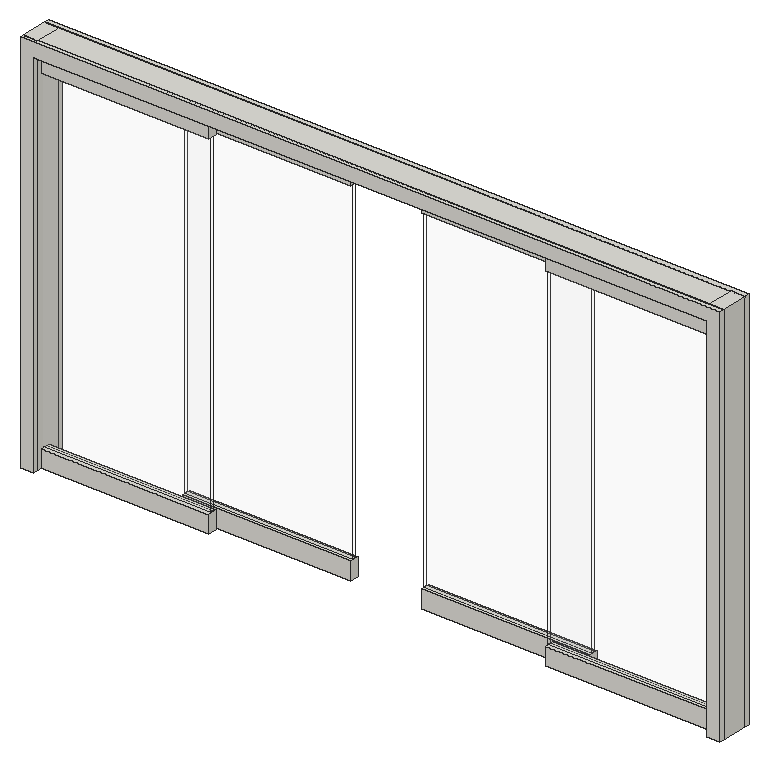
Revit family "0027_M_DR_W_KO_이중 자동_AT 유리문 유형1(2리프)", category 문, Revit 2026
Family settings
  호스트 = 벽
  항상 수직 = 예
  로드될 때 보이드를 사용하여 절단 = 아니오
  공유 = 아니오
  룸 계산 점 = 아니오
Parameters (values of type "AT Glass door type1 (2Leafs) 03 W3800*H2100")
  프레임 투영 외부 = 25 mm
  프레임 투영 내부 = 25 mm
  프레임 폭 = 75 mm
  높이 = 2100 mm
  벽 마무리 = 호스트별
  폭 = 3800 mm
  open doorA = 200 mm
  open door = 200 mm
  adhesion doorA = 950 mm
  adhesion door = 폭 - Auto door - Auto doorA - adhesion doorA  # 950 mm
  Glass frame material = Chrome, 2
  기능 = 내부
  Frame material = Chrome, 2
  Door material = white glass
  Auto doorA = 950 mm
  Auto door = 950 mm
  Assembly Code = ""
Reference planes
  plane 1: y = 0
  plane 2 "중심(왼쪽/오른쪽)": x = 0
  plane 3 "왼쪽": x = -950
  plane 4 "오른쪽": x = 2850
  plane 5: z = 2100
  plane 6 "외부": y = 75
  plane 7 "내부": y = -75
  plane 8: x = -200
  plane 9: x = 950
  plane 10: x = 750
  plane 11: x = 1150
  plane 12: x = 1900
  plane 13: x = 2100
Forms (mm)
  Extrusion 1, solid, material "Chrome, 2" <- "Frame material"
    sketch origin (-3172.125, -75, 0) x (1, 0, 0) y (0, 0, 1)
      loop
        line (2147.125, 0) -> (2222.125, 0) -> (2222.125, 2100) -> (6022.125, 2100) -> (6022.125, 0) -> (6097.125, 0) -> (6097.125, 2175) -> (2147.125, 2175) -> (2147.125, 0)
    from 0 to 25
  Extrusion 2, solid, material "Chrome, 2" <- "Frame material"
    sketch origin (-3172.125, 75, 0) x (-1, 0, 0) y (0, 0, 1)
      loop
        line (-2222.125, 0) -> (-2147.125, 0) -> (-2147.125, 2175) -> (-6097.125, 2175) -> (-6097.125, 0) -> (-6022.125, 0) -> (-6022.125, 2100) -> (-2222.125, 2100) -> (-2222.125, 0)
    from 0 to 25
  Extrusion 3, solid, material "Chrome, 2" <- "Frame material"
    sketch origin (0, 75, 0) x (1, 0, 0) y (0, 0, 1)
      loop
        line (2925, 2175) -> (2850, 2175) -> (-950, 2175) -> (-1025, 2175) -> (-1025, 0) -> (-950, 0) -> (-950, 2100) -> (2850, 2100) -> (2850, 0) -> (2925, 0) -> (2925, 2175)
    from 0 to 150
  Extrusion 4, solid, material "white glass" <- "Door material"
    sketch origin (0, 0, 0) x (1, 0, 0) y (0, 1, 0)
      loop
        line (-200, 47.5) -> (-200, 27.5) -> (750, 27.5) -> (750, 47.5) -> (-200, 47.5)
    from 100 to 2000
  Extrusion 5, solid, material "Chrome, 2" <- "Glass frame material"
    sketch origin (0, -75, 0) x (1, 0, 0) y (0, 0, 1)
      loop
        line (750, 0) -> (750, 100) -> (-200, 100) -> (-200, 0) -> (750, 0)
      loop
        line (750, 2100) -> (-200, 2100) -> (-200, 2000) -> (750, 2000) -> (750, 2100)
    from -136.913 to -87.537
  Extrusion 6, solid, material "white glass" <- "Door material"
    sketch origin (-600, -62.5, 0) x (1, 0, 0) y (0, 1, 0)
      loop
        line (-350, 47.5) -> (-350, 27.5) -> (600, 27.5) -> (600, 47.5) -> (-350, 47.5)
    from 100 to 2000
  Extrusion 7, solid, material "Chrome, 2" <- "Glass frame material"
    sketch origin (-600, -136.913, 0) x (1, 0, 0) y (0, 0, 1)
      loop
        line (600, 0) -> (600, 100) -> (-350, 100) -> (-350, 0) -> (600, 0)
      loop
        line (600, 2100) -> (-350, 2100) -> (-350, 2000) -> (600, 2000) -> (600, 2100)
    from -136.913 to -87.537
  Extrusion 8, solid, material "Chrome, 2" <- "Glass frame material"
    sketch origin (2250, -136.913, 0) x (1, 0, 0) y (0, 0, 1)
      loop
        line (600, 0) -> (600, 100) -> (-350, 100) -> (-350, 0) -> (600, 0)
      loop
        line (600, 2100) -> (-350, 2100) -> (-350, 2000) -> (600, 2000) -> (600, 2100)
    from -136.913 to -87.537
  Extrusion 9, solid, material "white glass" <- "Door material"
    sketch origin (2250, -62.5, 0) x (1, 0, 0) y (0, 1, 0)
      loop
        line (-350, 47.5) -> (-350, 27.5) -> (600, 27.5) -> (600, 47.5) -> (-350, 47.5)
    from 100 to 2000
  Extrusion 10, solid, material "Chrome, 2" <- "Glass frame material"
    sketch origin (1550, -75, 0) x (1, 0, 0) y (0, 0, 1)
      loop
        line (550, 0) -> (550, 100) -> (-400, 100) -> (-400, 0) -> (550, 0)
      loop
        line (550, 2100) -> (-400, 2100) -> (-400, 2000) -> (550, 2000) -> (550, 2100)
    from -136.913 to -87.537
  Extrusion 11, solid, material "white glass" <- "Door material"
    sketch origin (0, 0, 0) x (1, 0, 0) y (0, 1, 0)
      loop
        line (1150, 47.5) -> (1150, 27.5) -> (2100, 27.5) -> (2100, 47.5) -> (1150, 47.5)
    from 100 to 2000
Lines and regions (mm)
  Opening 1
    outline origin (-3172.125, -75, 0) x (1, 0, 0) y (0, 0, 1)
      loop
        line (2147.125, 0) -> (6097.125, 0) -> (6097.125, 2175) -> (2147.125, 2175) -> (2147.125, 0)
  Opening 2
    outline origin (-5122.125, -75, 0) x (1, 0, 0) y (0, 0, 1)
      loop
        line (8047.125, 0) -> (8047.125, 2175) -> (8047.125, 0)
Text (mm)
  text "Exterior" at (-2295.016, 1099.543, 0), in view "참조 레벨"
  text "Exterior" at (0, 1615.38, 3698.081), in view "왼쪽"
  text "Exterior" at (0, 1036.032, 3874.932), in view "오른쪽"
Dimensions and locks
  equal spacing: plane 3 "왼쪽", plane 9, plane 4 "오른쪽"
  "폭": plane 3 "왼쪽" to plane 4 "오른쪽"
  "높이": plane 5 to host wall
  host wall to plane 5 = 2100 mm  (x2)
  "프레임 투영 외부": Extrusion 2 to Extrusion 2
  "프레임 투영 내부": Extrusion 1 to Extrusion 1
  "프레임 폭": plane 3 "왼쪽" to Extrusion 1 sketch curve
  "프레임 폭": plane 4 "오른쪽" to Extrusion 1 sketch curve
  "프레임 폭": Extrusion 1 sketch curve to plane 5
  "프레임 폭": plane 4 "오른쪽" to Extrusion 2 sketch curve
  "프레임 폭": plane 3 "왼쪽" to Extrusion 2 sketch curve
  "프레임 폭": plane 5 to Extrusion 2 sketch curve
  locked: plane 6 "외부" to host wall at 0
  locked: plane 7 "내부" to host wall
  "adhesion door": plane 3 "왼쪽" to plane 2 "중심(왼쪽/오른쪽)"
  locked: Extrusion 4 sketch curve to Extrusion 4 sketch curve at 20
  locked: Extrusion 5 sketch curve to Extrusion 5 sketch curve at 100  (x2)
  locked: Extrusion 5 to Extrusion 5 at 49.376
  locked: Extrusion 4 sketch curve to Extrusion 5 at 14.963
  locked: Extrusion 6 sketch curve to Extrusion 6 sketch curve at 20
  locked: Extrusion 7 sketch curve to Extrusion 7 sketch curve at 100  (x2)
  locked: Extrusion 7 to Extrusion 7 at 49.376
  locked: Extrusion 6 sketch curve to Extrusion 7 at 14.376
  locked: Extrusion 7 to Extrusion 5 at 12.537
  "Auto door": plane 8 to plane 10
  locked: Extrusion 8 sketch curve to Extrusion 8 sketch curve at 100  (x2)
  locked: Extrusion 8 to Extrusion 8 at 49.376
  locked: Extrusion 9 sketch curve to Extrusion 9 sketch curve at 20
  locked: Extrusion 10 sketch curve to Extrusion 10 sketch curve at 100  (x2)
  locked: Extrusion 10 to Extrusion 10 at 49.376
  "Auto doorA": plane 11 to plane 13
  "adhesion doorA": plane 12 to plane 4 "오른쪽"
  "open door": plane 10 to plane 9
  "open doorA": plane 9 to plane 11
  locked: Extrusion 11 sketch curve to Extrusion 11 sketch curve at 20
  aligned and locked: level to Extrusion 1 sketch curve
  aligned and locked: plane 5 to Extrusion 1 sketch curve  (x2)
  aligned and locked: Extrusion 1 sketch curve to plane 4 "오른쪽"
  aligned and locked: plane 3 "왼쪽" to Extrusion 1 sketch curve
  aligned and locked: plane 3 "왼쪽" to Extrusion 2 sketch curve
  aligned and locked: plane 5 to Extrusion 2 sketch curve  (x2)
  aligned and locked: level to Extrusion 2 sketch curve
  aligned and locked: host wall to plane 1
  aligned and locked: host wall to Extrusion 3
  aligned and locked: Opening 2 sketch curve to host wall  (x2)
  aligned and locked: Extrusion 2 to Extrusion 3
  aligned and locked: Extrusion 3 sketch curve to Extrusion 2  (x2)
  aligned and locked: Extrusion 3 sketch curve to host wall
  aligned and locked: plane 8 to Extrusion 5 sketch curve
  aligned and locked: level to Extrusion 5 sketch curve
  aligned and locked: Extrusion 5 sketch curve to plane 8
  aligned and locked: Extrusion 5 sketch curve to Extrusion 1
  aligned and locked: Extrusion 4 to Extrusion 5  (x2)
  aligned and locked: Extrusion 7 sketch curve to Extrusion 1  (x3)
  aligned and locked: plane 2 "중심(왼쪽/오른쪽)" to Extrusion 7 sketch curve
  aligned and locked: level to Extrusion 7 sketch curve
  aligned and locked: Extrusion 7 sketch curve to plane 2 "중심(왼쪽/오른쪽)"
  aligned and locked: Extrusion 3 to Extrusion 6 sketch curve
  aligned and locked: Extrusion 6 sketch curve to Extrusion 7
  aligned and locked: Extrusion 6 to Extrusion 7  (x2)
  aligned and locked: plane 1 to Extrusion 7
  aligned and locked: Extrusion 5 sketch curve to plane 10
  aligned and locked: plane 10 to Extrusion 5 sketch curve
  aligned and locked: Extrusion 4 sketch curve to Extrusion 5
  aligned and locked: Extrusion 8 sketch curve to plane 12
  aligned and locked: plane 12 to Extrusion 8 sketch curve
  aligned and locked: plane 4 "오른쪽" to Extrusion 8 sketch curve
  aligned and locked: Extrusion 8 sketch curve to plane 4 "오른쪽"
  aligned and locked: Extrusion 8 sketch curve to plane 5
  aligned and locked: level to Extrusion 8 sketch curve
  aligned and locked: Extrusion 10 sketch curve to plane 11  (x2)
  aligned and locked: Extrusion 10 sketch curve to plane 13
  aligned and locked: plane 13 to Extrusion 10 sketch curve
  aligned and locked: Extrusion 9 to plane 4 "오른쪽"
  aligned and locked: Extrusion 9 sketch curve to Extrusion 8
  aligned and locked: Extrusion 11 sketch curve to Extrusion 10  (x2)
  aligned and locked: Extrusion 4 to Extrusion 11
  aligned and locked: Extrusion 9 to Extrusion 11
  aligned and locked: Extrusion 10 sketch curve to Extrusion 1
  aligned and locked: Extrusion 11 to Extrusion 10
Automatic sketch dimensions
  Extrusion 2 sketch curve to plane 4 "오른쪽" = 0 mm
  Extrusion 1 sketch curve to level = 0 mm
  Extrusion 2 sketch curve to level = 0 mm
  Opening 1 sketch curve to level = 0 mm
  Opening 1 sketch curve to plane 5 = 75 mm
  Opening 1 sketch curve to plane 4 "오른쪽" = 75 mm
  plane 3 "왼쪽" to Opening 1 sketch curve = 75 mm
  Opening 2 sketch curve to level = 0 mm
  Opening 2 sketch curve to Opening 2 sketch curve = 0 mm  (x2)
  Opening 2 sketch curve to plane 5 = 75 mm
  Extrusion 3 sketch curve to level = 0 mm  (x2)
  Extrusion 3 sketch curve to plane 3 "왼쪽" = 0 mm  (x2)
  Extrusion 3 sketch curve to plane 4 "오른쪽" = 0 mm  (x2)
  Extrusion 3 sketch curve to plane 5 = 0 mm
  Extrusion 4 sketch curve to plane 8 = 0 mm
  Extrusion 9 sketch curve to plane 4 "오른쪽" = 0 mm
  host wall to Extrusion 9 sketch curve = 15 mm
  Extrusion 11 sketch curve to host wall = 27.5 mm
  Extrusion 10 sketch curve to level = 0 mm
